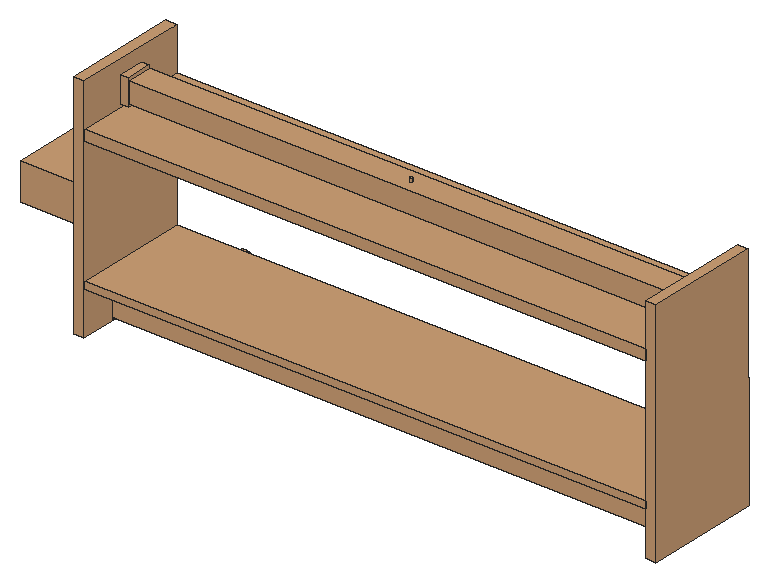
Revit family
Parameters
  Center of Unit = 0' - 0"  # constant formula
  Total Heating Capacity [instance] = 0.0 Btu/h
  Series = "VIFB"
  Outlet Area = 17.90 SF
  Lower Frame Thickness = if(Headers Height = 0' 3", 0' 1 1/4", if(Headers Height = 0' 3 1/4", 0' 1 1/4", 0' 0"))  # 0' - 1 1/4"
  Water Pressure Drop [instance] = 0.00 psi
  Water Flow [instance] = 0 GPM
  Unit Weight (lbs) = 971
  URL = "http://www.ljwing.com/"
  Water Outlet Radius = 0' - 1 1/2"
  Headers Height = if(M = 0' 1", 0' 3", if(M = 0' 1 1/2", 0' 3 1/4", 0' 0"))  # 0' - 3 1/4"
  Number of Rows = 2  # constant formula
  Number of Coils [instance] = 0
  Nominal Length = 9' - 3 3/16"
  N = 1' - 0 3/4"
  Model = "VA-10W"
  Manufacturer = "LJ Wing"
  M = 0' - 1 1/2"
  Leaving Water Temperature [instance] = 0 °F
  Leaving Air Temperature [instance] = 0 °F
  Entering Water Temperature [instance] = 0 °F
  Entering Air Temperature [instance] = 0 °F
  Description = "Vertical Integral Face & Bypass Water Heating Coils"
  Hot Water Inlet  Radius = 0' - 1 1/2"
  Coil Face Area = Outlet Area * 0.56  # 10.024 SF
  Casing Material = ""
  Assembly Code = "D3020300"
  Air Vent Radius = 0' - 0 1/4"
  Air Pressure Drop [instance] = 0.00 in-wg
  Air Inlet Width = Nominal Length - 0' 4"  # 8' - 11 3/16"
  Air Inlet Height = Y  # 2' - 0"
  Air Flow [instance] = 0 CFM
  Y = 2' - 0"
  S = 0' - 9 3/4"  # constant formula
  Product URL = "http://www.ljwing.com/html/vifb.asp"
  OmniClass = "23-75 70 21 14 "
  Nominal Height = 3' - 8"
  Nominal Depth = 1' - 10"
  R = 0' - 10 1/4"  # constant formula
  Q = 0' - 4 19/32"
Reference planes (in)
  plane 1 "Center (Front/Back)": y = 0
  plane 2: z = -12
  plane 3 "Center (Left/Right)": x = 0
  plane 4: z = 22.25
  plane 5: x = -55.59375
  plane 6: x = 55.59375
  plane 7: z = -21.75
  plane 8: z = 0
  plane 9: y = -11
  plane 10: y = 11
  plane 11: z = 12
  plane 12: z = 14
  plane 13: z = -13.25
  plane 14: x = 53.59375
  plane 15: x = -53.59375
  plane 16: x = -51
  plane 17: x = 51
  plane 18: y = 14.0625
  plane 19: x = -66.59375
  plane 20: z = 19.125
  plane 21: z = 15.125
  plane 22: y = -2.5
  plane 23: y = 2.5
  plane 24: y = -4.5
  plane 25: z = -19.375
  plane 26: x = -42.84375
  plane 27: x = 42.84375
  plane 28: z = -15.375
Forms (in)
  Extrusion 1, solid, material "Painted Finish"
    sketch origin (0, 6, -9.75) x (1, 0, 0) y (0, 0, 1)
      loop
        line (-55.59375, -12) -> (-53.59375, -12) -> (-53.59375, 32) -> (-55.59375, 32) -> (-55.59375, -12)
      loop
        line (55.59375, -12) -> (55.59375, 32) -> (53.59375, 32) -> (53.59375, -12) -> (55.59375, -12)
    from -5 to 17
  Extrusion 2, solid, material "Painted Finish"
    sketch origin (0, 6, 0) x (1, 0, 0) y (0, 0, 1)
      loop
        line (53.59375, -12) -> (-53.59375, -12) -> (-53.59375, -13.25) -> (53.59375, -13.25) -> (53.59375, -12)
      loop
        line (53.59375, 12) -> (53.59375, 14) -> (-53.59375, 14) -> (-53.59375, 12) -> (53.59375, 12)
    from -5 to 17
  Extrusion 3, solid, material "Painted Finish"
    sketch origin (0, 10, -0.5) x (1, 0, 0) y (0, 0, 1)
      loop
        line (-55.59375, 4) -> (-66.59375, 4) -> (-66.59375, -3) -> (-55.59375, -3) -> (-55.59375, 4)
    from 0 to 20
  Extrusion 4, solid, material "Painted Finish"
    sketch origin (0, 6, 0) x (1, 0, 0) y (0, 0, 1)
      loop
        line (-51.96875, 19.125) -> (-51.96875, 15.125) -> (51.96875, 15.125) -> (51.96875, 19.125) -> (-51.96875, 19.125)
    from 3.5 to 8.5
  Extrusion 5, solid, material "Painted Finish"
    sketch origin (0, 0, 0) x (1, 0, 0) y (0, 0, 1)
      loop
        line (-51.96875, 14.625) -> (-51.96875, 19.625) -> (-53.59375, 19.625) -> (-53.59375, 14.625) -> (-51.96875, 14.625)
      loop
        line (53.59375, 14.625) -> (53.59375, 19.625) -> (51.96875, 19.625) -> (51.96875, 14.625) -> (53.59375, 14.625)
    from -2.5 to 2.5
  Extrusion 6, solid, material "Painted Finish"
    sketch origin (0, 6, 0) x (1, 0, 0) y (0, 0, 1)
      loop
        line (-53.09375, -13.75) -> (-53.09375, -13.5) -> (-53.59375, -13.5) -> (-53.59375, -17.25) -> (-53.09375, -17.25) -> (-53.09375, -17) -> (53.09375, -17) -> (53.09375, -17.25) -> (53.59375, -17.25) -> (53.59375, -13.5) -> (53.09375, -13.5) -> (53.09375, -13.75) -> (-53.09375, -13.75)
      loop
        line (53.09375, -21) -> (53.09375, -21.125) -> (53.59375, -21.125) -> (53.59375, -17.5) -> (53.09375, -17.5) -> (53.09375, -17.75) -> (-53.09375, -17.75) -> (-53.09375, -17.5) -> (-53.59375, -17.5) -> (-53.59375, -21.25) -> (-53.09375, -21.25) -> (-53.09375, -21) -> (53.09375, -21)
    from -5 to 10.5
  Extrusion 7, void
    sketch origin (0, 0, 0) x (1, 0, 0) y (0, 0, 1)
      loop
        line (-53.59375, 12) -> (-53.59375, -12) -> (53.59375, -12) -> (53.59375, 12) -> (-53.59375, 12)
    from -11 to 11
  Extrusion 8, solid, material "Painted Finish"
    sketch origin (0, 0, 0) x (1, 0, 0) y (0, 0, 1)
      loop
        circle (42.84375, -19.375) r 1.5
      loop
        circle (-42.84375, -15.375) r 1.5
    from -14.0625 to -11
  Extrusion 9, solid, material "Painted Finish"
    sketch origin (0, 0, 0) x (1, 0, 0) y (0, 1, 0)
      loop
        circle (0, 0) r 0.25
    from 19.125 to 19.625
Cuts and joins
  Extrusion 7 cuts Extrusion 1
  Extrusion 7 cuts Extrusion 2
Dimensions and locks (in)
  "Nominal Length": plane 6 to plane 5
  equal spacing: plane 6, plane 3 "Center (Left/Right)", plane 5
  "S": plane 2 to plane 7
  "Nominal Depth": plane 10 to plane 9
  equal spacing: plane 10, plane 1 "Center (Front/Back)", plane 9
  "Y": plane 11 to plane 2
  "R": plane 4 to plane 11
  locked: plane 12 to plane 11 at 2
  "Lower Frame Thickness": plane 2 to plane 13
  "Q": plane 16 to plane 5
  "Q": plane 6 to plane 17
  locked: plane 18 to plane 10 at 3.0625
  locked: plane 5 to plane 19 at 11
  locked: Extrusion 3 sketch curve to Extrusion 3 sketch curve at 7
  locked: Extrusion 3 to Extrusion 3 at 20
  locked: plane 6 to plane 14 at 2
  locked: plane 15 to plane 5 at 2
  locked: Extrusion 5 sketch curve to plane 20 at 0.5
  locked: plane 21 to Extrusion 5 sketch curve at 0.5
  locked: plane 20 to plane 21 at 4
  locked: plane 23 to plane 22 at 5
  equal spacing: plane 23, plane 1 "Center (Front/Back)", plane 22
  locked: plane 22 to plane 24 at 2
  plane 4 to plane 7 = 3' - 8"
  locked: Extrusion 5 sketch curve to Extrusion 1 at 1.625
  locked: Extrusion 5 sketch curve to Extrusion 5 sketch curve at 1.625
  locked: Extrusion 7 sketch curve to plane 11 at 0
  locked: Extrusion 7 sketch curve to plane 15 at 0
  locked: Extrusion 7 sketch curve to plane 14 at 0
  locked: plane 15 to Extrusion 6 sketch curve at 0.5
  locked: Extrusion 6 sketch curve to Extrusion 6 sketch curve at 0.25  (x2)
  locked: plane 25 to plane 7 at 2.375
  "N": plane 26 to plane 5
  "N": plane 6 to plane 27
  locked: plane 28 to plane 7 at 6.375
  "Headers Height": Extrusion 6 sketch curve to Extrusion 6 sketch curve  (x2)
  locked: Extrusion 8 sketch curve to plane 25 at 0
  locked: Extrusion 8 sketch curve to plane 28 at 0
  locked: Extrusion 9 sketch curve to plane 1 "Center (Front/Back)" at 0
  locked: Extrusion 9 sketch curve to plane 3 "Center (Left/Right)" at 0
  equal spacing: Extrusion 6 sketch curve, plane 28, Extrusion 6 sketch curve
  equal spacing: Extrusion 6 sketch curve, plane 25, Extrusion 6 sketch curve
  locked: plane 4 to plane 20 at 3.125
  locked: Extrusion 7 sketch curve to plane 2 at 0
  equal spacing: plane 11, plane 8, plane 2
  locked: Extrusion 8 sketch curve to plane 27 at 0
  locked: Extrusion 8 sketch curve to plane 26 at 0
  "M": radius of Extrusion 8 sketch curve  (x2)
  "Air Vent Radius": radius of Extrusion 9 sketch curve
  aligned and locked: plane 9 to Extrusion 1
  aligned and locked: Extrusion 1 to plane 10
  aligned and locked: plane 15 to Extrusion 1
  aligned and locked: Extrusion 1 to plane 14
  aligned and locked: plane 9 to Extrusion 2
  aligned and locked: Extrusion 1 to plane 9
  aligned and locked: plane 10 to Extrusion 1  (x2)
  aligned and locked: Extrusion 2 to plane 10
  aligned and locked: plane 10 to Extrusion 2  (x2)
  aligned and locked: Extrusion 2 to plane 9  (x2)
  aligned and locked: plane 5 to Extrusion 3
  aligned and locked: Extrusion 5 sketch curve to plane 15
  aligned and locked: Extrusion 5 sketch curve to Extrusion 4
  aligned and locked: Extrusion 1 to Extrusion 6
  aligned and locked: plane 22 to Extrusion 5
  aligned and locked: Extrusion 5 to Extrusion 4  (x2)
  aligned and locked: Extrusion 5 to plane 23
  aligned and locked: plane 24 to Extrusion 6
  aligned and locked: Extrusion 4 to Extrusion 5  (x2)
  aligned and locked: Extrusion 5 to Extrusion 1  (x2)
  aligned and locked: Extrusion 1 to Extrusion 7  (x2)
  aligned and locked: Extrusion 8 to plane 18
  aligned and locked: plane 10 to Extrusion 8
  aligned and locked: plane 20 to Extrusion 9
  aligned and locked: Extrusion 9 to Extrusion 5
  aligned and locked: plane 2 to cut or joined group of Extrusion 2, Extrusion 7
  aligned and locked: plane 6 to Extrusion 1 sketch curve
  aligned and locked: plane 14 to Extrusion 1 sketch curve
  aligned and locked: Extrusion 1 sketch curve to plane 15
  aligned and locked: Extrusion 1 sketch curve to plane 5
  aligned and locked: Extrusion 1 sketch curve to plane 4  (x2)
  aligned and locked: plane 7 to Extrusion 1 sketch curve  (x2)
  aligned and locked: Extrusion 2 sketch curve to plane 11
  aligned and locked: Extrusion 2 sketch curve to plane 12
  aligned and locked: plane 2 to Extrusion 2 sketch curve
  aligned and locked: Extrusion 2 sketch curve to plane 13
  aligned and locked: Extrusion 2 sketch curve to plane 14  (x2)
  aligned and locked: Extrusion 2 sketch curve to plane 15  (x2)
  aligned and locked: plane 20 to Extrusion 4 sketch curve
  aligned and locked: Extrusion 4 sketch curve to plane 21
  aligned and locked: Extrusion 6 sketch curve to plane 14  (x2)
  aligned and locked: plane 15 to Extrusion 6 sketch curve  (x2)
Automatic sketch dimensions
  Extrusion 3 sketch curve to plane 19 = 0' - 0"
  Extrusion 3 sketch curve to plane 5 = 0' - 0"
  plane 8 to Extrusion 3 sketch curve = 0' - 3 1/2"
  Extrusion 4 sketch curve to plane 16 = 0' - 0 31/32"
  plane 17 to Extrusion 4 sketch curve = 0' - 0 31/32"
  plane 21 to Extrusion 5 sketch curve = 0' - 0 1/2"
  Extrusion 5 sketch curve to plane 20 = 0' - 0 1/2"
  plane 15 to Extrusion 6 sketch curve = 0' - 0 1/2"  (x2)
  Extrusion 6 sketch curve to Extrusion 6 sketch curve = 0' - 0 1/4"  (x5)
  Extrusion 6 sketch curve to Extrusion 6 sketch curve = 0' - 0"  (x2)
  Extrusion 6 sketch curve to plane 14 = 0' - 0 1/2"  (x2)
  Extrusion 6 sketch curve to Extrusion 6 sketch curve = 0' - 0 1/2"
  Extrusion 6 sketch curve to plane 7 = 0' - 0 5/8"
Connectors (in)
  hvac at (0, -11, 0), driven by "Air Inlet Height", driven by "Air Inlet Width", driven by "Air Flow", driven by "Air Pressure Drop"
    settings: on Extrusion 7, index 1
  hvac at (0, 11, 0), driven by "Air Pressure Drop", driven by "Air Inlet Height", driven by "Air Inlet Width", driven by "Air Flow"
    settings: on Extrusion 7, index 2
  piping at (-42.84375, 14.0625, -15.375), driven by "M", driven by "Water Flow", driven by "Water Pressure Drop"
    settings: on Extrusion 8, index 4
  piping at (42.84375, 14.0625, -19.375), driven by "Water Pressure Drop", driven by "Water Flow", driven by "M"
    settings: on Extrusion 8, index 5
